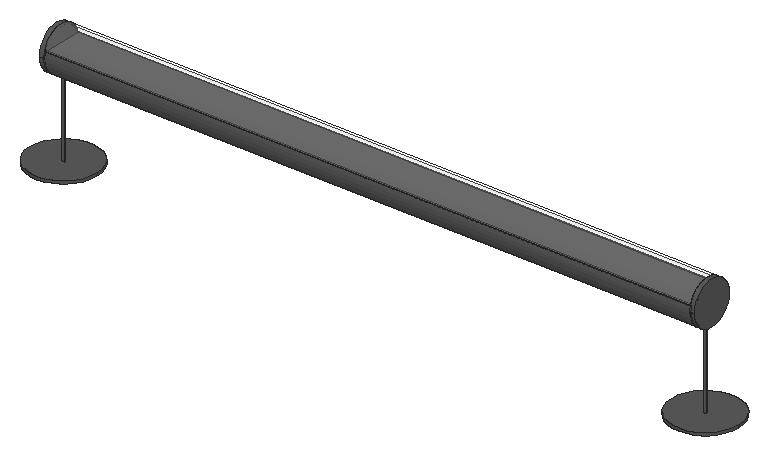
Revit family "ceiling optimo", category Lighting Fixtures, host Face, Revit 2019
Family settings
  Host = Face
  Round Connector Dimension = Use Diameter
  Part Type = Normal
  OmniClass Number = 23.80.70.11
  OmniClass Title = Luminaries for Internal Lighting
  Cut with Voids When Loaded = No
  Light Source = Yes
  Shared = No
  Room Calculation Point = No
Parameters (values of type "Not a Type - Load Type Catalog!")
  z_RS96 = Stem Mount with Canopy (SMC) : 96"
  z_RS90 = Stem Mount with Canopy (SMC) : 90"
  z_RS9 = Stem Mount with Canopy (SMC) : 9"
  z_RS84 = Stem Mount with Canopy (SMC) : 84"
  z_RS8 = Stem Mount with Canopy (SMC) : 8"
  z_RS78 = Stem Mount with Canopy (SMC) : 78"
  z_RS72 = Stem Mount with Canopy (SMC) : 72"
  z_RS66 = Stem Mount with Canopy (SMC) : 66"
  z_RS60 = Stem Mount with Canopy (SMC) : 60"
  z_RS6 = Stem Mount with Canopy (SMC) : 6"
  z_RS54 = Stem Mount with Canopy (SMC) : 54"
  z_RS48 = Stem Mount with Canopy (SMC) : 48"
  z_RS42 = Stem Mount with Canopy (SMC) : 42"
  z_RS36 = Stem Mount with Canopy (SMC) : 36"
  z_RS30 = Stem Mount with Canopy (SMC) : 30"
  z_RS27 = Stem Mount with Canopy (SMC) : 27"
  z_RS24 = Stem Mount with Canopy (SMC) : 24"
  z_RS21 = Stem Mount with Canopy (SMC) : 21"
  z_RS18 = Stem Mount with Canopy (SMC) : 18"
  z_RS15 = Stem Mount with Canopy (SMC) : 15"
  z_RS12 = Stem Mount with Canopy (SMC) : 12"
  z_AC10 = Aircraft Cable : with Canopy 10' (AC10)
  z_AC05 = Aircraft Cable : with Canopy 5' (AC05)
  z_RO Start = Run : Start Fixture
  z_RO Standalone = Run : Standalone Fixture
  z_RO Middle = Run : Middle Fixture
  z_RO End = Run : End Fixture
  z_Geometry Position [instance] = [z_Cord/rod length parameter] + 0' 1 19/32"  # 0' - 7 19/32"
  z_Connector Position [instance] = if(or(Run Option = z_RO Standalone, Run Option = z_RO Start), 0' 0", Length - 2 * 0' 0 21/128")  # 0' - 0"
  z_Array No 01 [instance] = if(or(Run Option = z_RO Standalone, Run Option = z_RO Start, and(Run Option = z_RO End, [Emergency Circuit - End Fixture])), 3, 2)  # 3
  z_Angle [instance] = 90.00°  # constant formula
  Width = 0' - 3 51/256"  # constant formula
  Weight = 0.00 lbf
  Wattage Comments = ""
  Wattage = 9.2903 W
  Voltage Range = ""
  built-in parameter 1150110 = 1 (stored number, unit not read)
  Voltage = 120 V
  URL = "https://starteklightingamerica.com/optimo-direct/"
  Type Comments = "Linear Lighting Fixture"  # constant formula
  built-in parameter 1114217 = 1 (stored number, unit not read)
  Tilt Angle = 90.00°  # constant formula
  built-in parameter 1150109 = 1 (stored number, unit not read)
  built-in parameter 1150134 = (empty or 0)
  built-in parameter 1150113 = 1 (stored number, unit not read)
  z_Stem/Cord Left [instance] = and(or(Run Option = z_RO Start, Run Option = z_RO Standalone), or(Mounting Option = z_AC05, Mounting Option = z_AC10, Mounting Option = z_RS6, Mounting Option = z_RS8, Mounting Option = z_RS9, Mounting Option = z_RS12, Mounting Option = z_RS15, Mounting Option = z_RS18, Mounting Option = z_RS21, Mounting Option = z_RS24, Mounting Option = z_RS27, Mounting Option = z_RS30, Mounting Option = z_RS36, Mounting Option = z_RS42, Mounting Option = z_RS48, Mounting Option = z_RS54, Mounting Option = z_RS60, Mounting Option = z_RS66, Mounting Option = z_RS72, Mounting Option = z_RS78, Mounting Option = z_RS84, Mounting Option = z_RS90, Mounting Option = z_RS96))  # yes
  z_Right Cap [instance] = or(Run Option = z_RO Standalone, Run Option = z_RO End)  # yes
  z_Stem/Cord [instance] = or(Mounting Option = z_AC05, Mounting Option = z_AC10, Mounting Option = z_RS6, Mounting Option = z_RS8, Mounting Option = z_RS9, Mounting Option = z_RS12, Mounting Option = z_RS15, Mounting Option = z_RS18, Mounting Option = z_RS21, Mounting Option = z_RS24, Mounting Option = z_RS27, Mounting Option = z_RS30, Mounting Option = z_RS36, Mounting Option = z_RS42, Mounting Option = z_RS48, Mounting Option = z_RS54, Mounting Option = z_RS60, Mounting Option = z_RS66, Mounting Option = z_RS72, Mounting Option = z_RS78, Mounting Option = z_RS84, Mounting Option = z_RS90, Mounting Option = z_RS96)  # yes
  Run Option [instance] = Run : Standalone Fixture
  Product data url = "https://www.bimobject.com/startek-lighting/product/optimo_direct"
  Product Material [instance] = StarTek Lighting - Aluminum - Powder Coat Black
  Product Guid = "2d1d840d-481b-43d5-8dc0-894fcfffd1a4"
  Power Factor = 1
  Photometric Web File = "Generic Light Source Shown : Please download and link the IES file that best matches your fixture specification"
  Photometric Note = "Import IES files https://starteklightingamerica.com/"  # constant formula
  Phase = 1
  Number of Poles = 1
  Mounting Option [instance] = Stem Mount with Canopy (SMC) : 6"
  Mount Finish Note [instance] = "Aircraft cables with canopy can be ordered in white (ACW) and black (ACB)."  # constant formula
  Mount Finish [instance] = StarTek Lighting - Aluminum - Powder Coat Black
  Model = ""
  z_Min Cord/Rod Length [instance] = 0' - 1"  # constant formula
  z_Max Cord/Rod Length [instance] = if(Mounting Option = z_AC05, 5' 0", if(Mounting Option = z_AC10, 10' 0", 10' 0"))  # 10' - 0"
  Manufacturer = "StarTek Lighting"  # constant formula
  z_Left Mounting Point Distance [instance] = Length / 2 - 0' 0 21/128"  # 1' - 11 107/128"
  built-in parameter 1150105 = 109.82 (stored number, unit not read)
  Lumens = 1380 lm
  built-in parameter 1150115 = 1 (stored number, unit not read)
  built-in parameter 1150137 = (empty or 0)
  built-in parameter 1150139 = (empty or 0)
  Length = 4' - 0"
  z_Left Cap [instance] = or(Run Option = z_RO Standalone, Run Option = z_RO Start)  # yes
  Lamp length 8' = Length = 8' 0"  # no
  Lamp length 4' = Length = 4' 0"  # yes
  built-in parameter 1150112 = 1 (stored number, unit not read)
  built-in parameter 1150114 = 1 (stored number, unit not read)
  Lamp = "LED"  # constant formula
  Keynote = "16500"
  Input Wattage = 0 W
  built-in parameter 1150132 = 2
  built-in parameter 1150102 = (empty or 0)
  built-in parameter 1150107 = 6501 (stored number, unit not read)
  built-in parameter 1150138 = (empty or 0)
  built-in parameter 1150106 = 1.0982 (stored number, unit not read)
  Height = 0' - 3 51/256"  # constant formula
  Frequency = 0 Hz
  Field Specified Cable Length Override [instance] = no
  Emit from Rectangle Width = 0' - 3 21/256"  # constant formula
  Emit from Rectangle Length = Length - 2 * 0' 0 19/128"  # 3' - 11 45/64"
  Emit Shape Visible in Rendering = no
  Emergency Circuit - End Fixture [instance] = no
  built-in parameter 1150104 = 13.8 (stored number, unit not read)
  Edition number = 1
  Distribution = "SD"
  Dimming Lamp Color Temperature Shift = <None>
  Description = "Optimo Direct"  # constant formula
  Electrical Disconnect = yes
  Default Elevation = 4' - 0"
  z_Cord/rod length parameter [instance] = if(Mounting Option = z_RS6, 0' 6", if(Mounting Option = z_RS8, 0' 8", if(Mounting Option = z_RS9, 0' 9", if(Mounting Option = z_RS12, 1' 0", if(Mounting Option = z_RS15, 1' 3", if(Mounting Option = z_RS18, 1' 6", if(Mounting Option = z_RS21, 1' 9", if(Mounting Option = z_RS24, 2' 0", if(Mounting Option = z_RS27, 2' 3", if(Mounting Option = z_RS30, 2' 6", if(Mounting Option = z_RS36, 3' 0", if(Mounting Option = z_RS42, 3' 6", if(Mounting Option = z_RS48, 4' 0", if(Mounting Option = z_RS54, 4' 6", if(Mounting Option = z_RS60, 5' 0", if(Mounting Option = z_RS66, 5' 6", if(Mounting Option = z_RS72, 6' 0", if(Mounting Option = z_RS78, 6' 6", if(Mounting Option = z_RS84, 7' 0", if(Mounting Option = z_RS90, 7' 6", if(Mounting Option = z_RS96, 8' 0", if(and(not(Field Specified Cable Length Override), Mounting Option = z_AC05), 5' 0", if(and(not(Field Specified Cable Length Override), Mounting Option = z_AC10), 10' 0", if(and(Field Specified Cable Length Override, [Cord/Rod Length] > [z_Max Cord/Rod Length]), [z_Max Cord/Rod Length], if(and(Field Specified Cable Length Override, [Cord/Rod Length] < [z_Min Cord/Rod Length]), [z_Min Cord/Rod Length], [Cord/Rod Length])))))))))))))))))))))))))  # 0' - 6"
  Cord/Rod Length [instance] = 5' - 0"
  Color Filter = 16777215
  CRI = "80"
  built-in parameter 1114218 = 1 (stored number, unit not read)
  built-in parameter 1150133 = 10 (stored number, unit not read)
  Color [instance] = "Available Options: Powder Coat White (PW), Powder Coat Black (PB), Powder Coat Silver (PS), Powder Coat Bronze (PBR), Brushed Champagne (BCH), Powder Coat Other (PO), Premium Stock Finish (PSF)"  # constant formula
  Assembly Code = "D5020200"
  Apparent Load = Input Wattage / (Power Factor * Number of Poles)  # 0 VA
  z_AC [instance] = or(Mounting Option = z_AC05, Mounting Option = z_AC10)  # no
Reference planes (in)
  plane 1 "Center (Front/Back)": y = 0
  plane 2: z = 0
  plane 3 "Center (Left/Right)": x = 0
  plane 4: z = 6
  plane 5: x = -23.83594
  plane 6: x = -24
  plane 7: x = 24
  plane 8: x = -23.63
  plane 9: x = 23.63
  plane 10: z = 7.59375
  plane 11: x = -23.83594
Forms (in)
  Sweep 1, solid, not visible
    path origin (0, 0, 0) x (0, 1, 0) y (0, 0, 1)
      loop
        line (0, 7.59375) -> (0, 7.98664)
    profile origin (0, 0, 7.79019) x (0, -1, 0) y (1, 0, 0)
      loop
        circle (0, 0) r 0.03213
Lines and regions (in)
  Masking region 1, not visible
    outline origin (0, 0, 0) x (1, 0, 0) y (0, 0, 1)
      loop
        line (20.16088, 0.19141) -> (20.16088, 0) -> (28.16088, 0) -> (28.16088, 0.19141) -> (24.00325, 0.19141) -> (24.00325, 3) -> (23.675, 3) -> (23.675, 0.19141) -> (20.16088, 0.19141)
  Masking region 2, not visible
    outline origin (0, 0, 0) x (1, 0, 0) y (0, 0, 1)
      loop
        line (-27.83912, 0.19141) -> (-27.83912, 0) -> (-19.83912, 0) -> (-19.83912, 0.19141) -> (-23.68067, 0.19141) -> (-23.68067, 3) -> (-24, 3) -> (-24, 0.19141) -> (-27.83912, 0.19141)
Dimensions and locks (in)
  "z_Cord/rod length parameter": plane 4 to plane 2
  "z_Left Mounting Point Distance": plane 3 "Center (Left/Right)" to plane 5
  equal spacing: plane 6, plane 3 "Center (Left/Right)", plane 7
  "Length": plane 6 to plane 7
  locked: plane 9 to plane 7 at 0.37
  locked: plane 6 to plane 8 at 0.37
  "z_Geometry Position": plane 10 to plane 2
  locked: Sweep 1 sketch curve to Sweep 1 sketch curve at 0.39289
  locked: nested 3 to plane 7 at 0.1625
  locked: plane 6 to nested 2 at 0.1625
  locked: imposter light to plane 4 at 3.20948
  Masking region 1 sketch curve to plane 7 to Masking region 1 sketch curve = 0' - 4.16088" locked, 0' - 3.83912" locked
  Masking region 2 sketch curve to plane 6 to Masking region 2 sketch curve = 0' - 4.16088" locked, 0' - 3.83912" locked
  locked: Masking region 2 sketch curve to plane 2 at 3
  locked: Masking region 1 sketch curve to plane 2 at 3
  Masking region 1 sketch curve to plane 7 to Masking region 1 sketch curve = 0' - 0.00325" locked, 0' - 0.325" locked
  Masking region 2 sketch curve to plane 6 to Masking region 2 sketch curve = 0' - 0.31933" locked, 0' - 0" locked
  locked: nested 4 to plane 6 at 8
  "z_Connector Position": plane 5 to plane 11
  equal spacing: group 1, group 2, group 3  (x3)
  "z_Angle": angle plane 10 to Sweep 1 sketch curve
  aligned and locked: plane 2 to host face
  aligned and locked: level to host face
  aligned and locked: plane 1 "Center (Front/Back)" to Sweep 1 sketch curve
  aligned and locked: plane 10 to Sweep 1 sketch curve
  aligned and locked: plane 3 "Center (Left/Right)" to nested 1
  aligned and locked: plane 1 "Center (Front/Back)" to nested 3
  aligned and locked: plane 1 "Center (Front/Back)" to nested 2
  aligned and locked: imposter light to plane 3 "Center (Left/Right)"
  aligned and locked: plane 1 "Center (Front/Back)" to nested 4
  aligned and locked: plane 11 to nested 6
  aligned and locked: plane 1 "Center (Front/Back)" to nested 6
Automatic sketch dimensions
  host sketch curve to host sketch curve = 8' - 0"  (x2)
  Sweep 1 sketch curve to plane 3 "Center (Left/Right)" = 0' - 0"
  Sweep 1 sketch curve to profile plane = 0' - 0"
  Masking region 2 sketch curve to level = 0' - 0"
  Masking region 2 sketch curve to Masking region 2 sketch curve = 0' - 0 49/256"  (x2)
  Masking region 1 sketch curve to level = 0' - 0"
  Masking region 1 sketch curve to Masking region 1 sketch curve = 0' - 0 49/256"  (x2)
  radius of Sweep 1 sketch curve = 0' - 0.03213"
Nested families (in)
  nested 1: "Geometry" at (0, 0, 7.59375) x (1, 0, 0) z (0, 0, -1), Left Cap <- "z_Left Cap", Right Cap <- "z_Right Cap", type "Geometry"
    with Right Cap yes, Mounting Height 8' - 0", Left Cap yes
  nested 2: "Aircraft Cable" at (-23.8375, 0, 0), visible <- "z_Stem/Cord Left", type "with Canopy 5' (AC05)"
  nested 3: "Aircraft Cable" at (23.8375, 0, 0), visible <- "z_Stem/Cord", type "with Canopy 5' (AC05)"
  nested 4: "Connection" at (-32, 0, 0), type "Connection"
  nested 5: "Connection" at (-27.91797, 0, 0), type "Connection"
  nested 6: "Connection" at (-23.83594, 0, 0), type "Connection"
Connectors (in)
  electrical at (-23.83594, 0, 0), driven by "Number of Poles", driven by "Voltage", driven by "Apparent Load", driven by "Power Factor", driven by "Apparent Load", driven by "Apparent Load", driven by "Apparent Load"
    settings: on nested 6, index 2, voltage 120 V, apparent load 0 VA, apparent load phase1 0 VA, apparent load phase2 0 VA, apparent load phase3 0 VA, power factor 1, load classification "Other", number of poles 1, system type 30, power factor state 1, is connector primary yes, connector utility no, sub classification motor no, connector description "Connector for Electrical Power"
Definition of nested family "Geometry"
  Parameters (values of type "Geometry")
    Width = 0' - 4.62"
    Right Cap [instance] = yes
    Mounting Height [instance] = 8' - 0"
    Manufacturer = "https://www.arcat.com/arcatcos/cos51/arc51781.html"  # constant formula
    Length = 4' - 0"
    Left Cap [instance] = yes
    Housing Material = none
    Default Elevation = 4' - 0"
  Reference planes (in)
    plane 1 "Light Source Axis (F/B)": y = 0
    plane 2: z = 0
    plane 3 "Light Source Axis (L/R)": x = 0
    plane 4 "Light Source Elevation": z = 0
    plane 5: x = -24.325
    plane 6: x = 24.325
    plane 7: y = -2.31
    plane 8: x = -24
    plane 9: x = 24
  Forms (in)
    Extrusion 1, solid, material <- "Housing Material", detail levels medium
      sketch origin (0, 0, -94.40625) x (0, 1, 0) y (0, 0, 1)
        loop
          circle (0, 94.40625) r 1.59375
      from -24 to 24
    Extrusion 2, solid, material <- "Housing Material", detail levels coarse
      sketch origin (0, 0, -94.40625) x (0, 1, 0) y (0, 0, 1)
        loop
          circle (0, 94.40625) r 1.59375
      from -24 to 24
    Extrusion 3, solid, material <- "Housing Material", visible <- "Left Cap"
      sketch origin (0, 0, -94.40625) x (0, 1, 0) y (0, 0, 1)
        loop
          circle (0, 94.40625) r 1.59375
      from -24.325 to -24
    Extrusion 4, solid, material <- "Housing Material", visible <- "Right Cap"
      sketch origin (0, 0, -94.40625) x (0, 1, 0) y (0, 0, -1)
        loop
          circle (0, -94.40625) r 1.59375
      from -24.325 to -24
    Extrusion 5, solid, material <- "Housing Material", detail levels fine
      sketch origin (0, 0, -0.40625) x (0, 1, 0) y (0, 0, 1)
        loop
          arc (1.5411, 0) -> (0, 2) -> (-1.5411, 0) r 1.59375
          line (-1.5411, 0) -> (1.5411, 0)
      from -24 to 24
    Extrusion 6, solid, detail levels fine
      sketch origin (0, 0, -0.40625) x (0, 1, 0) y (0, 0, 1)
        loop
          arc (-1.5411, 0) -> (0, -1.1875) -> (1.5411, 0) r 1.59375
          line (1.5411, 0) -> (1.43745, 0)
          arc (1.43745, 0) -> (0, -1.0875) -> (-1.43745, 0) r 1.49375
          line (-1.43745, 0) -> (-1.5411, 0)
      from -24 to 24
  Lines and regions (in)
    Masking region 1
      outline origin (0, 0, 0) x (1, 0, 0) y (0, 1, 0)
        loop
          line (-24, 1.59375) -> (-24, -1.59375) -> (24, -1.59375) -> (24, 1.59375) -> (-24, 1.59375)
    Masking region 2, visible <- "Left Cap"
      outline origin (0, 0, 0) x (1, 0, 0) y (0, 1, 0)
        loop
          line (-24.325, 1.59375) -> (-24.325, -1.59375) -> (-24, -1.59375) -> (-24, 1.59375) -> (-24.325, 1.59375)
    Masking region 3, visible <- "Right Cap"
      outline origin (0, 0, 0) x (1, 0, 0) y (0, 1, 0)
        loop
          line (24, 1.59375) -> (24, -1.59375) -> (24.325, -1.59375) -> (24.325, 1.59375) -> (24, 1.59375)
    symbolic lines, detail levels fine
      curve 1: line (-24, 1.43745, 0) -> (24, 1.43745, 0)
      curve 2: line (24, 1.5411, 0) -> (-24, 1.5411, 0)
      curve 3: line (-24, -1.43745, 0) -> (24, -1.43745, 0)
      curve 4: line (-24, -1.5411, 0) -> (24, -1.5411, 0)
    symbolic lines, detail levels medium+fine
      curve 5: line (-24, 1.5411, 0) -> (-24, -1.5411, 0)
      curve 6: line (24, 1.5411, 0) -> (24, -1.5411, 0)
  Dimensions and locks (in)
    equal spacing: plane 5, plane 3 "Light Source Axis (L/R)", plane 6
    plane 7 to plane 1 "Light Source Axis (F/B)" = 0' - 2.31"
    locked: plane 5 to plane 8 at 0.325
    locked: plane 9 to plane 6 at 0.325
    "Length": plane 8 to plane 9
    diameter of Extrusion 3 sketch curve = 0' - 3 3/16"
    aligned and locked: level to plane 2
    aligned and locked: Extrusion 3 to plane 5
    aligned and locked: Extrusion 3 to plane 8
    aligned and locked: plane 9 to Extrusion 4
    aligned and locked: plane 6 to Extrusion 4
    aligned and locked: plane 8 to Extrusion 5
    aligned and locked: Extrusion 5 to plane 9
    aligned and locked: plane 8 to Extrusion 6
    aligned and locked: Extrusion 6 to plane 9
    aligned and locked: plane 8 to curve 2
    aligned and locked: plane 8 to curve 1
    aligned and locked: plane 8 to curve 3
    aligned and locked: plane 8 to curve 4
    aligned and locked: plane 9 to curve 2
    aligned and locked: plane 9 to curve 1
    aligned and locked: plane 9 to curve 3
    aligned and locked: plane 9 to curve 4
    aligned and locked: plane 8 to Extrusion 1
    aligned and locked: Extrusion 1 to plane 9
    aligned and locked: plane 8 to Extrusion 2
    aligned and locked: Extrusion 2 to plane 9
    aligned and locked: Masking region 1 to plane 9
    aligned and locked: plane 5 to Masking region 2 sketch curve
    aligned and locked: plane 8 to Masking region 2 sketch curve
    aligned and locked: Masking region 3 sketch curve to plane 6
    aligned and locked: Masking region 3 sketch curve to plane 9
  Automatic sketch dimensions
    Extrusion 2 sketch curve to plane 1 "Light Source Axis (F/B)" = 0' - 0"
    level to Extrusion 2 sketch curve = 0' - 0"
    Extrusion 3 sketch curve to plane 1 "Light Source Axis (F/B)" = 0' - 0"
    level to Extrusion 3 sketch curve = 0' - 0"
    Extrusion 4 sketch curve to plane 1 "Light Source Axis (F/B)" = 0' - 0"
    level to Extrusion 4 sketch curve = 0' - 0"
    Extrusion 5 sketch curve to level = 0' - 0 13/32"
    Extrusion 5 sketch curve to plane 1 "Light Source Axis (F/B)" = 0' - 0"
    level to Extrusion 5 sketch curve = 0' - 0"
    Extrusion 5 sketch curve to plane 7 = 0' - 0.7689"
    Extrusion 6 sketch curve to Extrusion 6 sketch curve = 0' - 0"  (x2)
    Extrusion 6 sketch curve to level = 0' - 0 13/32"  (x2)
    Extrusion 6 sketch curve to plane 1 "Light Source Axis (F/B)" = 0' - 0"
    level to Extrusion 6 sketch curve = 0' - 0"
    Extrusion 6 sketch curve to plane 7 = 0' - 0.87255"
    Extrusion 6 sketch curve to Extrusion 6 sketch curve = 0' - 0.10366"
    Masking region 1 sketch curve to plane 7 = 0' - 0.71625"
    Masking region 1 sketch curve to plane 1 "Light Source Axis (F/B)" = 0' - 1 19/32"
    curve 4 to plane 7 = 0' - 0.7689"
    curve 5 to plane 1 "Light Source Axis (F/B)" = 0' - 1.5411"
    curve 6 to curve 3 = 0' - 0.10366"
    curve 1 to curve 2 = 0' - 0.10366"
    plane 5 to Masking region 1 sketch curve = 0' - 0.325"
    Masking region 1 sketch curve to plane 6 = 0' - 0.325"
    Masking region 2 sketch curve to plane 7 = 0' - 0.71625"
    Masking region 2 sketch curve to plane 1 "Light Source Axis (F/B)" = 0' - 1 19/32"
    Masking region 3 sketch curve to plane 7 = 0' - 0.71625"
    Masking region 3 sketch curve to plane 1 "Light Source Axis (F/B)" = 0' - 1 19/32"
    radius of Extrusion 2 sketch curve = 0' - 1 19/32"
    radius of Extrusion 4 sketch curve = 0' - 1 19/32"
Definition of nested family "Aircraft Cable"
  Parameters (values of type "with Canopy 5' (AC05)")
    Height = 0' - 0"
    Default Elevation = 4' - 0"
    Cord material = none
    MAX cord length = 5' - 0"
    Cord length = 0' - 6"
    Canopy = yes
  Types (2): name | MAX cord length
    with Canopy 5' (AC05) | 5' - 0"
    with Canopy 10' (AC10) | 10' - 0"
  Reference planes (in)
    plane 1 "Center (Front/Back)": y = 0
    plane 2: z = 0
    plane 3 "Center (Left/Right)": x = 0
    plane 4 "canopy plane": z = 6
  Forms (in)
    Extrusion 1, solid, material <- "Cord material"
      sketch origin (0, 0, 0) x (1, 0, 0) y (0, 1, 0)
        loop
          circle (0, 0) r 0.09375
      from 0 to 6
    Extrusion 2, solid, material <- "Cord material", visible <- "Canopy"
      sketch origin (0, 0, 0.19141) x (-1, 0, 0) y (0, -1, 0)
        loop
          circle (0, 0) r 2.5
      from 0 to -0.19141
    Extrusion 3, solid, material <- "Cord material", visible <- "Canopy", not visible
      sketch origin (0, 0, 36) x (-1, 0, 0) y (0, -1, 0)
        loop
          circle (0, 0) r 2.5
      from 0 to -0.19141
  Dimensions and locks (in)
    "Cord length": plane 4 "canopy plane" to plane 2
    aligned and locked: plane 2 to level
    aligned and locked: plane 4 "canopy plane" to Extrusion 1
    aligned and locked: Extrusion 2 to plane 2
  Automatic sketch dimensions
    plane 1 "Center (Front/Back)" to Extrusion 1 sketch curve = 0' - 0"
    Extrusion 1 sketch curve to plane 3 "Center (Left/Right)" = 0' - 0"
    radius of Extrusion 1 sketch curve = 0' - 0 3/32"
    radius of Extrusion 2 sketch curve = 0' - 2 1/2"
    radius of Extrusion 3 sketch curve = 0' - 2 1/2"
Definition of nested family "Connection"
  Parameters (values of type "Connection")
    Default Elevation = 4' - 0"
  Reference planes (in)
    plane 1 "Center (Front/Back)": y = 0
    plane 2: z = 0
    plane 3 "Center (Left/Right)": x = 0
  Forms (in)
    Extrusion 1, solid
      sketch origin (0, 0, 0) x (1, 0, 0) y (0, 1, 0)
        loop
          line (-48, 48) -> (-48, -48) -> (48, -48) -> (48, 48) -> (-48, 48)
      from 0 to -12
    Extrusion 2, solid, not visible
      sketch origin (0, 0, 0) x (1, 0, 0) y (0, 1, 0)
        loop
          circle (0, 0) r 0.7874
      from 0 to -0.45531
  Dimensions and locks (in)
    aligned and locked: plane 2 to Extrusion 1
    aligned and locked: level to Extrusion 1
